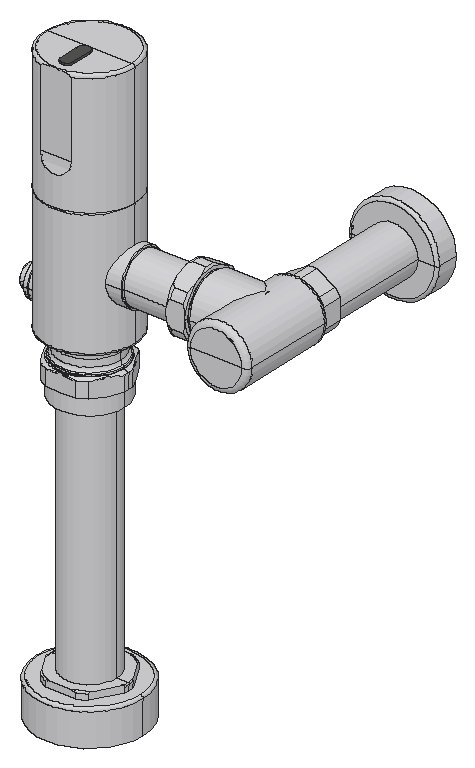
Revit family "Flushometer-Toilet_Touchless-KOHLER-WAVE-K-7521", category Plumbing Fixtures, host Face, Revit 2015 (continued)
Definition of nested family "K-7521"
  Dimensions and locks (in)
    aligned and locked: plane 6 "A" to Revolve 3 sketch curve
    aligned and locked: Revolve 1 sketch curve to plane 17
    aligned and locked: plane 6 "A" to Extrusion 7 sketch curve  (x2)
    aligned and locked: plane 22 to Revolve 3 sketch curve
    aligned and locked: Revolve 11 sketch curve to plane 6 "A"
    aligned and locked: plane 21 to Revolve 12 sketch curve
    aligned and locked: Revolve 13 sketch curve to plane 17
    aligned and locked: plane 14 to Revolve 12
    aligned and locked: plane 24 "D" to Revolve 13 sketch curve
    aligned and locked: Revolve 1 sketch curve to plane 24 "D"
    aligned and locked: Masking region 1 sketch curve to plane 24 "D"
    aligned and locked: plane 24 "D" to Masking region 3 sketch curve
    aligned and locked: plane 18 to Revolve 1 sketch curve
    aligned and locked: Masking region 1 sketch curve to Masking region 1 sketch curve  (x2)
    aligned and locked: plane 18 to Masking region 1 sketch curve
    aligned and locked: Masking region 1 sketch curve to plane 18
    aligned and locked: Masking region 3 sketch curve to Masking region 3 sketch curve  (x2)
    aligned and locked: plane 18 to Masking region 3 sketch curve
    aligned and locked: Masking region 3 sketch curve to plane 18
    aligned and locked: curve 181 to Masking region 1
    aligned and locked: Masking region 1 to curve 182
    aligned and locked: cut or joined group of Revolve 1, Revolve 2, Revolve 4, Extrusion 5, Extrusion 6, Extrusion 8, Extrusion 9, Extrusion 15 to Masking region 1
    aligned and locked: cut or joined group of Revolve 1, Revolve 2, Revolve 4, Extrusion 5, Extrusion 6, Extrusion 8, Extrusion 9, Extrusion 15 to cut or joined group of Revolve 1, Revolve 2, Revolve 4, Extrusion 5, Extrusion 6, Extrusion 8, Extrusion 9, Extrusion 15
    aligned and locked: Masking region 1 to curve 183
    aligned and locked: cut or joined group of Revolve 1, Revolve 2, Revolve 4, Extrusion 5, Extrusion 6, Extrusion 8, Extrusion 9, Extrusion 15 to curve 196
    aligned and locked: Masking region 3 to cut or joined group of Revolve 1, Revolve 2, Revolve 4, Extrusion 5, Extrusion 6, Extrusion 8, Extrusion 9, Extrusion 15
    aligned and locked: cut or joined group of Revolve 1, Revolve 2, Revolve 4, Extrusion 5, Extrusion 6, Extrusion 8, Extrusion 9, Extrusion 15 to Masking region 3
    aligned and locked: cut or joined group of Revolve 1, Revolve 2, Revolve 4, Extrusion 5, Extrusion 6, Extrusion 8, Extrusion 9, Extrusion 15 to curve 7
  Automatic sketch dimensions
    Revolve 2 sketch curve to plane 13 = 0"
    plane 1 "Center (Front/Back)" to Revolve 2 sketch curve = 0"  (x2)
    Revolve 2 sketch curve to plane 10 = 0"
    plane 13 to Revolve 2 sketch curve = 0.07874"
    plane 13 to Revolve 2 sketch curve = 0.09744"
    Revolve 2 sketch curve to Revolve 2 sketch curve = 0.03934"
    Revolve 2 sketch curve to Revolve 2 sketch curve = 0.37514"
    Revolve 2 sketch curve to Revolve 2 sketch curve = 0.1367"
    Revolve 2 sketch curve to plane 5 = 0"
    plane 5 to Revolve 2 sketch curve = 0.02032"
    plane 1 "Center (Front/Back)" to Revolve 2 sketch curve = 0.69291"
    Revolve 2 sketch curve to Revolve 2 sketch curve = 0.03086"
    Revolve 2 sketch curve to Revolve 2 sketch curve = 0.0893"
    Revolve 2 sketch curve to Revolve 2 sketch curve = 0.03078"
    Revolve 2 sketch curve to Revolve 2 sketch curve = 0.02482"
    Revolve 2 sketch curve to Revolve 2 sketch curve = 0.1507"
    Revolve 2 sketch curve to Revolve 2 sketch curve = 0.08544"
    Revolve 2 sketch curve to Revolve 2 sketch curve = 0.07262"
    plane 5 to Revolve 2 sketch curve = 0.33838"
    plane 1 "Center (Front/Back)" to Revolve 4 sketch curve = 0"  (x2)
    Revolve 4 sketch curve to Revolve 4 sketch curve = 0.29105"
    Revolve 4 sketch curve to Revolve 4 sketch curve = 0.01997"
    plane 4 to Revolve 4 sketch curve = 0.00385"
    Revolve 4 sketch curve to Revolve 4 sketch curve = 0.14151"
    Revolve 4 sketch curve to Revolve 4 sketch curve = 0.01686"
    Revolve 4 sketch curve to Revolve 4 sketch curve = 0.0199"
    Revolve 4 sketch curve to Revolve 4 sketch curve = 0.03256"
    Revolve 4 sketch curve to Revolve 4 sketch curve = 0.03332"
    Revolve 4 sketch curve to plane 4 = 0.19777"
    Revolve 4 sketch curve to Revolve 4 sketch curve = 0.10389"
    Revolve 4 sketch curve to Revolve 4 sketch curve = 0.05493"
    Revolve 4 sketch curve to Revolve 4 sketch curve = 0.28338"
    Revolve 4 sketch curve to Revolve 4 sketch curve = 0"
    Revolve 4 sketch curve to plane 9 = 0.08336"
    plane 1 "Center (Front/Back)" to Extrusion 5 sketch curve = 0"  (x3)
    Extrusion 5 sketch curve to plane 3 "Center (Left/Right)" = 0"
    plane 9 to Extrusion 5 sketch curve = 0.16208"  (x2)
    plane 8 to Extrusion 5 sketch curve = 0.48169"
    plane 10 to Extrusion 5 sketch curve = 0.16208"  (x2)
    plane 7 to Extrusion 5 sketch curve = 0.48169"
    plane 5 to Extrusion 5 sketch curve = 0.32416"
    plane 4 to Extrusion 5 sketch curve = 0.32416"
    plane 6 "A" to Extrusion 7 sketch curve = 0"
    Extrusion 7 sketch curve to plane 12 "C" = 0"
    Extrusion 7 sketch curve to plane 12 "C" = 0.43078"  (x2)
    Extrusion 7 sketch curve to plane 16 "B" = 0.20537"
    plane 12 "C" to Extrusion 7 sketch curve = 0.43078"  (x2)
    plane 12 "C" to Extrusion 7 sketch curve = 0.86156"
    Extrusion 8 sketch curve to plane 8 = 0"
    Extrusion 8 sketch curve to plane 12 "C" = 2.21973"
    Extrusion 8 sketch curve to plane 8 = 0.31919"
    Extrusion 8 sketch curve to Extrusion 8 sketch curve = 0.81497"
    Extrusion 8 sketch curve to plane 17 = 0.2847"
    Extrusion 9 sketch curve to plane 3 "Center (Left/Right)" = 0"
    plane 3 "Center (Left/Right)" to Extrusion 9 sketch curve = 0.18307"
    plane 1 "Center (Front/Back)" to Extrusion 9 sketch curve = 0.20818"
    Extrusion 9 sketch curve to Extrusion 9 sketch curve = 0.58684"
    plane 3 "Center (Left/Right)" to Extrusion 10 sketch curve = 0.16929"
    plane 3 "Center (Left/Right)" to Extrusion 10 sketch curve = 0"
    Extrusion 10 sketch curve to plane 3 "Center (Left/Right)" = 0"
    plane 1 "Center (Front/Back)" to Extrusion 10 sketch curve = 0.20752"  (x2)
    Extrusion 10 sketch curve to plane 3 "Center (Left/Right)" = 0.16929"
    Extrusion 10 sketch curve to Extrusion 10 sketch curve = 0.59115"
    plane 1 "Center (Front/Back)" to Revolve 11 sketch curve = 0"  (x2)
    plane 13 to Revolve 11 sketch curve = 0.09744"
    Revolve 11 sketch curve to plane 3 "Center (Left/Right)" = 0"  (x2)
    Revolve 11 sketch curve to Revolve 11 sketch curve = 0.55118"
    Revolve 11 sketch curve to plane 1 "Center (Front/Back)" = 0.69291"
    Revolve 11 sketch curve to Revolve 11 sketch curve = 0.12527"
    plane 9 to Revolve 11 sketch curve = 1/4"
    Revolve 11 sketch curve to Revolve 11 sketch curve = 0.16351"
    plane 1 "Center (Front/Back)" to Revolve 14 sketch curve = 0"  (x2)
    Revolve 14 sketch curve to plane 9 = 0.17963"
    Revolve 14 sketch curve to plane 1 "Center (Front/Back)" = 1/2"
    Revolve 14 sketch curve to plane 4 = 0.21775"
    Revolve 14 sketch curve to Revolve 14 sketch curve = 0"
    plane 9 to Revolve 14 sketch curve = 0.32037"
    Extrusion 6 sketch curve to plane 1 "Center (Front/Back)" = 0"  (x3)
    Extrusion 6 sketch curve to plane 12 "C" = 0"
    plane 12 "C" to Extrusion 6 sketch curve = 0.52564"  (x2)
    Extrusion 6 sketch curve to Extrusion 6 sketch curve = 0.52564"
    Extrusion 6 sketch curve to plane 12 "C" = 0.52564"  (x2)
    Extrusion 6 sketch curve to plane 16 "B" = 0.01565"
    plane 7 to Extrusion 6 sketch curve = 0.58957"
    plane 8 to Extrusion 6 sketch curve = 0.58957"
    curve 51 to curve 52 = 0"  (x2)
    curve 51 to curve 55 = 0"  (x2)
    curve 51 to curve 56 = 0"  (x2)
    curve 52 to curve 55 = 0"  (x2)
    curve 52 to curve 56 = 0"  (x2)
    curve 55 to curve 56 = 0"  (x2)
    curve 67 to plane 17 = 0"
    curve 51 to plane 1 "Center (Front/Back)" = 0"
    curve 23 to plane 11 = 0"
    curve 15 to plane 11 = 0"
    curve 19 to plane 11 = 0"
    curve 20 to plane 11 = 0"
    curve 12 to plane 11 = 0"
    curve 11 to plane 11 = 0"
    curve 18 to plane 12 "C" = 0"
    curve 55 to plane 12 "C" = 0"
    plane 1 "Center (Front/Back)" to curve 48 = 0.13722"
    plane 1 "Center (Front/Back)" to curve 53 = 0.13722"
    plane 1 "Center (Front/Back)" to curve 31 = 0.13984"
    plane 8 to curve 28 = 0.62153"
    curve 54 to plane 1 "Center (Front/Back)" = 0.13722"
    curve 49 to plane 1 "Center (Front/Back)" = 0.13722"
    curve 32 to plane 1 "Center (Front/Back)" = 0.13984"
    plane 7 to curve 37 = 0.62153"
    curve 63 to plane 16 "B" = 0.19094"
    plane 7 to curve 63 = 0.62124"
    plane 7 to curve 50 = 0.62124"
    curve 60 to curve 19 = 0.11917"
    plane 12 "C" to curve 65 = 0.29184"
    plane 7 to curve 65 = 0.50206"
    curve 11 to curve 12 = 0"
    curve 66 to curve 23 = 0.00079"
    curve 64 to curve 15 = 0.00079"
    curve 24 to curve 61 = 0.00069"
    curve 16 to curve 58 = 0.00069"
    curve 20 to curve 21 = 0.01366"
    curve 12 to curve 13 = 0.01366"
    plane 7 to curve 17 = 0.23329"
    plane 7 to curve 25 = 0.23329"
    curve 18 to plane 11 = 0.6355"
    curve 54 to plane 16 "B" = 0.09487"
    plane 18 to curve 32 = 0.91106"
    curve 26 to curve 31 = 0"
    curve 32 to curve 36 = 0"
    curve 32 to curve 32 = 0.41218"
    curve 26 to curve 30 = 0.41218"
    curve 35 to curve 35 = 0.41218"
    curve 60 to curve 62 = 0.03407"
    curve 62 to curve 61 = 0.04073"
    curve 62 to curve 23 = 0.00922"
    curve 60 to curve 60 = 0.09399"
    curve 61 to curve 25 = 0.15514"
    curve 23 to curve 19 = 0.29171"
    curve 19 to curve 20 = 0.20841"
    curve 20 to curve 21 = 0.03914"
    curve 13 to curve 12 = 0.03914"
    curve 12 to curve 64 = 0.20841"
    curve 14 to curve 17 = 0.14579"
    curve 14 to curve 57 = 0.28175"
    curve 57 to curve 15 = 0.00996"
    curve 16 to curve 58 = 0.00922"
    curve 58 to curve 59 = 0.04073"
    curve 57 to curve 50 = 0.09399"
    curve 51 to curve 48 = 0.09607"
    plane 1 "Center (Front/Back)" to curve 67 = 0.03824"
    curve 51 to curve 48 = 0.11085"
    curve 55 to curve 56 = 0.11085"
    curve 53 to curve 55 = 0.05554"
    curve 48 to curve 51 = 0.05554"
    plane 8 to curve 67 = 0.53204"
    curve 28 to curve 29 = 0.13984"
    curve 27 to curve 30 = 0.13984"
    plane 8 to curve 63 = 0.24056"
    plane 8 to curve 50 = 0.24056"
    curve 55 to curve 54 = 0.05554"
    curve 51 to curve 49 = 0.05554"
    plane 7 to curve 68 = 0.60484"
    curve 24 to curve 66 = 0.0278"
    curve 16 to curve 64 = 0.0278"
    curve 14 to curve 14 = 0.0278"
    curve 22 to curve 19 = 0.0278"
    curve 14 to curve 14 = 0.00056"
    curve 24 to curve 25 = 0.00056"
    curve 13 to curve 13 = 0.04089"
    curve 22 to curve 22 = 0.00056"
    curve 16 to curve 16 = 0.00056"
    curve 15 to curve 16 = 0.01287"
    curve 14 to curve 14 = 0.01366"
    curve 22 to curve 22 = 0.01366"
    curve 24 to curve 24 = 0.01287"
    curve 34 to curve 37 = 0.13984"
    curve 33 to curve 36 = 0.13984"
    curve 58 to curve 17 = 0.00727"
    curve 61 to curve 25 = 0.00727"
    curve 31 to curve 30 = 0.04269"
    curve 32 to curve 33 = 0.04269"
    curve 29 to curve 26 = 0.04269"
    curve 34 to curve 35 = 0.04269"
    curve 33 to plane 18 = 1.19754"
    curve 30 to curve 33 = 0"
    curve 53 to curve 29 = 0.04425"
    curve 54 to curve 34 = 0.04425"
    curve 23 to curve 66 = 0.00022"
    curve 66 to curve 25 = 0.01608"
    curve 14 to curve 17 = 0.01616"
    curve 64 to curve 15 = 0.00022"
    curve 50 to curve 68 = 1.14713"
    curve 68 to curve 68 = 0.09526"
    plane 21 to Revolve 3 sketch curve = 0"  (x2)
    plane 11 to Revolve 3 sketch curve = 0"
    Revolve 3 sketch curve to plane 14 = 11/128"
    Revolve 3 sketch curve to Revolve 3 sketch curve = 0.03943"
    Revolve 3 sketch curve to Revolve 3 sketch curve = 0.09789"
    Revolve 3 sketch curve to Revolve 3 sketch curve = 0.15407"
    plane 7 to Revolve 3 sketch curve = 0.50118"
    Revolve 3 sketch curve to Revolve 3 sketch curve = 0.12227"
    Revolve 3 sketch curve to plane 8 = 0.16194"
    Revolve 3 sketch curve to Revolve 3 sketch curve = 1"
    Revolve 12 sketch curve to plane 6 "A" = 0"  (x2)
    plane 21 to Revolve 12 sketch curve = 0"
    plane 7 to Revolve 12 sketch curve = 0.52979"
    Revolve 12 sketch curve to plane 8 = 0.30845"
    Revolve 12 sketch curve to Revolve 12 sketch curve = 1 1/2"
    Revolve 13 sketch curve to plane 4 = 0"
    Revolve 13 sketch curve to plane 18 = 0"
    Revolve 13 sketch curve to plane 9 = 0"
    Revolve 13 sketch curve to plane 3 "Center (Left/Right)" = 0"  (x2)
    Revolve 13 sketch curve to level = 0"
    plane 4 to Revolve 13 sketch curve = 0.24056"
    Revolve 13 sketch curve to Revolve 13 sketch curve = 1.62705"
    Masking region 3 sketch curve to plane 7 = 0"
    Masking region 3 sketch curve to plane 8 = 0"
    Masking region 3 sketch curve to plane 21 = 0"
    Masking region 3 sketch curve to plane 11 = 0"  (x2)
    Masking region 3 sketch curve to plane 17 = 0"  (x2)
    plane 18 to Masking region 3 sketch curve = 0.43923"  (x2)
    Masking region 3 sketch curve to Masking region 3 sketch curve = 0.01697"  (x4)
    Masking region 3 sketch curve to Masking region 3 sketch curve = 0.49756"  (x2)
    Masking region 3 sketch curve to Masking region 3 sketch curve = 0.03091"  (x2)
    plane 8 to Masking region 3 sketch curve = 75/128"
    Masking region 3 sketch curve to Masking region 3 sketch curve = 0.03081"  (x4)
    plane 7 to Masking region 3 sketch curve = 75/128"
    Masking region 3 sketch curve to Masking region 3 sketch curve = 0.11571"  (x2)
    Masking region 3 sketch curve to Masking region 3 sketch curve = 0.19993"  (x2)
    Masking region 3 sketch curve to Masking region 3 sketch curve = 0.31555"  (x2)
    Masking region 3 sketch curve to Masking region 3 sketch curve = 0.03047"  (x2)
    plane 16 "B" to Masking region 3 sketch curve = 0.18307"
    Masking region 3 sketch curve to Masking region 3 sketch curve = 11/128"  (x2)
    Masking region 3 sketch curve to plane 16 "B" = 0.19094"
    Masking region 3 sketch curve to plane 16 "B" = 0.26575"
    Masking region 3 sketch curve to Masking region 3 sketch curve = 0.15407"  (x2)
    Masking region 3 sketch curve to Masking region 3 sketch curve = 0.11201"  (x2)
    plane 12 "C" to Masking region 3 sketch curve = 0.68917"
    Masking region 3 sketch curve to plane 8 = 0.16194"
    plane 12 "C" to Masking region 3 sketch curve = 0.72192"
    Masking region 3 sketch curve to Masking region 3 sketch curve = 0.47489"
    plane 8 to Masking region 3 sketch curve = 0.27358"
    Masking region 3 sketch curve to Masking region 3 sketch curve = 0.8784"
    plane 7 to Masking region 3 sketch curve = 0.27358"
    Masking region 3 sketch curve to Masking region 3 sketch curve = 0.9532"
    Masking region 3 sketch curve to Masking region 3 sketch curve = 0.03302"  (x3)
    plane 8 to Masking region 3 sketch curve = 0.24056"  (x2)
    Masking region 3 sketch curve to Masking region 3 sketch curve = 0.82006"
    plane 8 to Masking region 3 sketch curve = 0.31919"
    Masking region 3 sketch curve to Masking region 3 sketch curve = 0.42724"
    Masking region 3 sketch curve to plane 17 = 0.07986"
    plane 17 to Masking region 3 sketch curve = 0.03584"
    plane 21 to Masking region 3 sketch curve = 0.54814"  (x2)
    Masking region 3 sketch curve to Masking region 3 sketch curve = 0"  (x3)
    plane 7 to Masking region 3 sketch curve = 0.24056"
    Masking region 3 sketch curve to Masking region 3 sketch curve = 0.04728"  (x2)
    Masking region 3 sketch curve to Masking region 3 sketch curve = 0.40357"
    plane 7 to Masking region 3 sketch curve = 0.48169"
    Masking region 3 sketch curve to Masking region 3 sketch curve = 0.03406"  (x3)
    Masking region 3 sketch curve to Masking region 3 sketch curve = 0.26831"  (x2)
    plane 1 "Center (Front/Back)" to Masking region 3 sketch curve = 0.03824"
    plane 1 "Center (Front/Back)" to Masking region 3 sketch curve = 3/4"
    Masking region 3 sketch curve to Masking region 3 sketch curve = 0.04793"
    Masking region 3 sketch curve to Masking region 3 sketch curve = 0.21285"
    Masking region 3 sketch curve to Masking region 3 sketch curve = 0.23425"
    Masking region 3 sketch curve to Masking region 3 sketch curve = 0.03937"
    plane 11 to curve 157 = 0"
    curve 123 to plane 13 = 0"
    curve 119 to plane 5 = 0"
    curve 118 to plane 4 = 0"
    plane 1 "Center (Front/Back)" to curve 173 = 0"
    plane 1 "Center (Front/Back)" to curve 142 = 0"
    curve 146 to plane 3 "Center (Left/Right)" = 0"
    curve 142 to plane 3 "Center (Left/Right)" = 0"
    plane 7 to curve 165 = 0.1069"
    plane 7 to curve 162 = 0.1069"
    curve 165 to curve 159 = 0.39484"
    curve 162 to curve 156 = 0.39497"
    curve 167 to plane 6 "A" = 0.12033"
    curve 165 to curve 167 = 0.39516"
    plane 6 "A" to curve 157 = 0.12033"
    curve 157 to curve 158 = 0"
    plane 7 to curve 135 = 0.72999"
    plane 4 to curve 154 = 0.12764"
    curve 154 to plane 1 "Center (Front/Back)" = 0.50585"
    curve 154 to curve 152 = 1/256"
    curve 154 to curve 153 = 0.03341"
    curve 155 to curve 155 = 0.03295"
    curve 172 to plane 1 "Center (Front/Back)" = 0.35355"
    curve 135 to plane 1 "Center (Front/Back)" = 0.14042"
    plane 1 "Center (Front/Back)" to curve 132 = 0.14042"
    plane 1 "Center (Front/Back)" to curve 144 = 0.20752"
    plane 1 "Center (Front/Back)" to curve 148 = 0.20752"
    curve 148 to curve 147 = 0.00066"
    plane 1 "Center (Front/Back)" to curve 174 = 0.35355"
    plane 4 to curve 171 = 0.18283"
    plane 1 "Center (Front/Back)" to curve 171 = 0.46901"
    curve 171 to curve 169 = 0.00343"
    curve 171 to curve 168 = 0.03295"
    curve 169 to curve 170 = 0.03341"
    curve 126 to curve 141 = 0.62959"
    curve 143 to plane 3 "Center (Left/Right)" = 0.18307"
    curve 146 to curve 143 = 0.58684"
    curve 150 to curve 144 = 0.00365"
    curve 147 to curve 148 = 0.00365"
    curve 170 to curve 168 = 0.05519"
    curve 153 to curve 155 = 0.05519"
    curve 150 to curve 144 = 0.01378"
    curve 146 to curve 144 = 0.0138"
    curve 149 to plane 3 "Center (Left/Right)" = 0"
    plane 13 to curve 126 = 0.51192"
    plane 13 to curve 133 = 0.13678"
    plane 13 to curve 136 = 0.13678"
    plane 13 to curve 129 = 0.13678"
    plane 6 "A" to curve 173 = 83/128"
    curve 156 to curve 157 = 0.50544"
    curve 162 to curve 157 = 0.2514"
    plane 6 "A" to curve 172 = 0.29489"
    curve 158 to curve 165 = 0.2514"
    curve 165 to curve 159 = 0.25409"
    plane 21 to curve 121 = 0.63408"
    curve 161 to curve 157 = 0.01366"
    curve 164 to curve 164 = 0.01366"
    curve 160 to curve 160 = 0.0132"
    curve 163 to curve 163 = 0.01306"
    curve 166 to curve 162 = 0.02723"
    curve 158 to curve 164 = 0.02723"
    curve 161 to curve 162 = 0.02723"
    curve 167 to curve 163 = 0.02723"
    curve 162 to curve 161 = 0.00056"
    curve 165 to curve 164 = 0.00056"
    curve 160 to curve 160 = 0.00093"
    curve 165 to curve 163 = 0.00093"
    curve 139 to curve 135 = 0.14042"
    curve 138 to curve 136 = 0.14042"
    curve 166 to curve 172 = 0.16013"
    curve 125 to curve 136 = 0.0678"
    curve 125 to curve 124 = 0.0556"
    curve 124 to curve 123 = 0"
    curve 179 to plane 10 = 0.26612"
    curve 135 to curve 120 = 0.0771"
    curve 179 to curve 119 = 0.05118"
    plane 13 to curve 134 = 0.09743"
    curve 136 to curve 134 = 0.30873"
    curve 134 to curve 134 = 0.00607"
    curve 137 to curve 134 = 0"
    curve 134 to curve 137 = 0.01213"
    curve 153 to curve 118 = 0.16142"
    curve 118 to curve 169 = 0.16142"
    curve 131 to curve 130 = 0.30873"
    curve 130 to curve 130 = 0.00607"
    curve 131 to curve 130 = 0"
    curve 131 to curve 131 = 0.00607"
    curve 131 to curve 119 = 0.23163"
    curve 120 to curve 127 = 0.0771"
    curve 119 to curve 180 = 0.05118"
    curve 128 to curve 123 = 0.0122"
    curve 128 to curve 124 = 0.0122"
    curve 124 to curve 125 = 0.0556"
    plane 8 to curve 174 = 0.66219"
    curve 125 to curve 129 = 0.07262"
    curve 127 to curve 141 = 0.14042"
    plane 10 to curve 151 = 0.31196"
    curve 153 to curve 154 = 0.05129"
    curve 169 to curve 169 = 0.05129"
    curve 180 to plane 10 = 0.26612"
    plane 5 to curve 180 = 0.19757"
    plane 5 to curve 179 = 0.19757"
    curve 131 to plane 5 = 0.13901"
    curve 130 to curve 131 = 0"
    curve 137 to plane 5 = 0.13901"
    curve 134 to curve 137 = 0"
    curve 120 to curve 127 = 0.1367"
    curve 125 to curve 124 = 0.0187"
    curve 172 to curve 156 = 0.15338"
    curve 174 to curve 174 = 0.48426"
    plane 6 "A" to curve 121 = 0.68917"
    curve 122 to curve 156 = 0.06341"
    curve 166 to curve 156 = 0"
    curve 166 to curve 160 = 0.03064"
    curve 158 to curve 165 = 0.028"
    curve 167 to curve 159 = 0.00004"
    curve 159 to curve 122 = 0.06336"
    curve 121 to plane 14 = 0.56083"
    plane 1 "Center (Front/Back)" to Extrusion 15 sketch curve = 0"  (x3)
    Extrusion 15 sketch curve to plane 3 "Center (Left/Right)" = 0"
    plane 9 to Extrusion 15 sketch curve = 0.16208"  (x2)
    plane 8 to Extrusion 15 sketch curve = 0.48169"
    plane 10 to Extrusion 15 sketch curve = 0.16208"  (x2)
    plane 7 to Extrusion 15 sketch curve = 0.48169"
    plane 5 to Extrusion 15 sketch curve = 0.32416"
    plane 4 to Extrusion 15 sketch curve = 0.32416"
    Masking region 3 sketch curve to Masking region 3 sketch curve = 5/64"  (x2)
    Revolve 1 sketch curve to plane 4 = 0"
    Revolve 1 sketch curve to plane 9 = 0"
    Revolve 1 sketch curve to plane 3 "Center (Left/Right)" = 0"  (x2)
    Revolve 1 sketch curve to plane 18 = 0"  (x2)
    Revolve 1 sketch curve to Revolve 1 sketch curve = 0.0823"
    Revolve 1 sketch curve to plane 17 = 0.07986"
    plane 4 to Revolve 1 sketch curve = 0.24056"
    Revolve 1 sketch curve to Revolve 1 sketch curve = 0"  (x2)
    Revolve 1 sketch curve to Revolve 1 sketch curve = 0.03047"
    Revolve 1 sketch curve to Revolve 1 sketch curve = 0.03302"  (x2)
    plane 4 to Revolve 1 sketch curve = 0.31831"
    Revolve 1 sketch curve to plane 9 = 0.354"
    Revolve 1 sketch curve to Revolve 1 sketch curve = 0.31534"
    Revolve 1 sketch curve to Revolve 1 sketch curve = 0.03415"
    Revolve 1 sketch curve to Revolve 1 sketch curve = 19/256"
    Revolve 1 sketch curve to Revolve 1 sketch curve = 0.11975"  (x2)
    Revolve 1 sketch curve to Revolve 1 sketch curve = 0.03937"
    Revolve 1 sketch curve to Revolve 1 sketch curve = 0.03081"  (x2)
    Revolve 1 sketch curve to plane 9 = 0.11614"
    Revolve 1 sketch curve to Revolve 1 sketch curve = 0.43923"
    Revolve 1 sketch curve to Revolve 1 sketch curve = 0.05966"  (x2)
    Revolve 1 sketch curve to Revolve 1 sketch curve = 0.41218"
    Revolve 1 sketch curve to Revolve 1 sketch curve = 0.03091"
    Revolve 1 sketch curve to Revolve 1 sketch curve = 0.19993"
    plane 23 to Revolve 1 sketch curve = 0.50438"
    Revolve 1 sketch curve to plane 18 = 1 1/4"
    Masking region 1 sketch curve to Masking region 1 sketch curve = 0"  (x6)
    Masking region 1 sketch curve to plane 4 = 0"  (x3)
    Masking region 1 sketch curve to plane 17 = 0"  (x2)
    Masking region 1 sketch curve to plane 9 = 0"
    plane 10 to Masking region 1 sketch curve = 0"
    plane 5 to Masking region 1 sketch curve = 0"  (x3)
    plane 13 to Masking region 1 sketch curve = 0.09744"
    plane 6 "A" to Masking region 1 sketch curve = 0"
    Masking region 1 sketch curve to plane 12 "C" = 0"
    Masking region 1 sketch curve to plane 14 = 0"
    Masking region 1 sketch curve to plane 4 = 0.19777"  (x2)
    Masking region 1 sketch curve to Masking region 1 sketch curve = 0.01997"
    Masking region 1 sketch curve to Masking region 1 sketch curve = 0.0199"  (x2)
    Masking region 1 sketch curve to Masking region 1 sketch curve = 5/64"  (x2)
    Masking region 1 sketch curve to Masking region 1 sketch curve = 0.10773"  (x2)
    Masking region 1 sketch curve to Masking region 1 sketch curve = 0.05493"  (x2)
    Masking region 1 sketch curve to Masking region 1 sketch curve = 0.058"  (x2)
    plane 4 to Masking region 1 sketch curve = 0.24056"
    Masking region 1 sketch curve to Masking region 1 sketch curve = 0.03047"
    Masking region 1 sketch curve to Masking region 1 sketch curve = 0.03302"  (x4)
    Masking region 1 sketch curve to Masking region 1 sketch curve = 0.04728"  (x2)
    Masking region 1 sketch curve to Masking region 1 sketch curve = 0.07986"
    Masking region 1 sketch curve to plane 9 = 0.354"
    Masking region 1 sketch curve to Masking region 1 sketch curve = 0.31951"
    Masking region 1 sketch curve to Masking region 1 sketch curve = 0.03322"  (x2)
    Masking region 1 sketch curve to Masking region 1 sketch curve = 19/256"
    Masking region 1 sketch curve to Masking region 1 sketch curve = 0.11975"  (x2)
    Masking region 1 sketch curve to plane 9 = 0.23425"
    Masking region 1 sketch curve to Masking region 1 sketch curve = 0.03937"  (x2)
    Masking region 1 sketch curve to Masking region 1 sketch curve = 0.03081"  (x4)
    Masking region 1 sketch curve to plane 9 = 0.11614"
    plane 17 to Masking region 1 sketch curve = 0.03584"
    Masking region 1 sketch curve to plane 3 "Center (Left/Right)" = 0.16929"
    plane 3 "Center (Left/Right)" to Masking region 1 sketch curve = 0.16929"
    Masking region 1 sketch curve to plane 10 = 0.11614"
    Masking region 1 sketch curve to Masking region 1 sketch curve = 0.04793"
    Masking region 1 sketch curve to plane 10 = 0.23425"
    Masking region 1 sketch curve to Masking region 1 sketch curve = 0.11571"
    Masking region 1 sketch curve to Masking region 1 sketch curve = 0.31914"
    Masking region 1 sketch curve to plane 17 = 0.07986"
    plane 5 to Masking region 1 sketch curve = 0.32043"
    Masking region 1 sketch curve to Masking region 1 sketch curve = 0.15192"
    plane 5 to Masking region 1 sketch curve = 0.24056"
    plane 5 to Masking region 1 sketch curve = 0.11292"  (x2)
    plane 5 to Masking region 1 sketch curve = 0.02032"  (x2)
    plane 13 to Masking region 1 sketch curve = 0.64854"  (x2)
    plane 13 to Masking region 1 sketch curve = 0.13694"
    Masking region 1 sketch curve to Masking region 1 sketch curve = 0.0395"  (x2)
    Masking region 1 sketch curve to plane 23 = 0.38235"
    Masking region 1 sketch curve to plane 16 "B" = 0.19928"
    plane 18 to Masking region 1 sketch curve = 0.43923"  (x2)
    Masking region 1 sketch curve to Masking region 1 sketch curve = 0.05966"  (x4)
    Masking region 1 sketch curve to Masking region 1 sketch curve = 0.41218"  (x2)
    Masking region 1 sketch curve to Masking region 1 sketch curve = 0.03091"  (x2)
    Masking region 1 sketch curve to Masking region 1 sketch curve = 0.19993"  (x2)
    Masking region 1 sketch curve to Masking region 1 sketch curve = 0.17244"
    Masking region 1 sketch curve to Masking region 1 sketch curve = 0.0038"
    Masking region 1 sketch curve to Masking region 1 sketch curve = 0.03332"  (x2)
    Masking region 1 sketch curve to Masking region 1 sketch curve = 0.03256"  (x2)
    Masking region 1 sketch curve to Masking region 1 sketch curve = 0.14151"  (x2)
    Masking region 1 sketch curve to plane 16 "B" = 0.08524"
    Masking region 1 sketch curve to Masking region 1 sketch curve = 0.04278"  (x2)
    Masking region 1 sketch curve to plane 16 "B" = 0.1952"
    Masking region 1 sketch curve to plane 16 "B" = 0.29105"
    Masking region 1 sketch curve to Masking region 1 sketch curve = 0.03086"  (x2)
    Masking region 1 sketch curve to Masking region 1 sketch curve = 0.00305"
    Masking region 1 sketch curve to plane 23 = 0.26831"
    plane 23 to Masking region 1 sketch curve = 0.50438"  (x2)
    curve 5 to plane 18 = 0"
    curve 2 to plane 11 = 0"
    plane 1 "Center (Front/Back)" to curve 43 = 0.14352"
    curve 43 to curve 47 = 0"
    curve 41 to curve 42 = 0"
    curve 43 to curve 45 = 0"
    curve 41 to plane 7 = 0.62521"
    curve 45 to plane 1 "Center (Front/Back)" = 0.14352"
    curve 47 to plane 8 = 0.62521"
    curve 40 to curve 40 = 0.03134"
    curve 42 to curve 42 = 0.03134"
    curve 45 to curve 44 = 0.03134"
    curve 46 to curve 46 = 0.03134"
    curve 42 to curve 42 = 0.00071"
    curve 40 to curve 40 = 0.00071"
    curve 46 to curve 46 = 0.00071"
    curve 42 to curve 43 = 0.0666"
    curve 40 to curve 40 = 0.0666"
    curve 44 to curve 44 = 0.0666"
    curve 46 to curve 47 = 0.0666"
    curve 47 to curve 46 = 0.08781"
    curve 8 to plane 18 = 0.43923"
    curve 8 to curve 9 = 0.5315"
    curve 9 to curve 4 = 0.03091"
    curve 3 to plane 7 = 0.31831"
    curve 4 to curve 3 = 0.662"
    plane 16 "B" to curve 1 = 0.37776"
    plane 16 "B" to curve 2 = 0.37776"
    plane 23 to curve 2 = 0.56083"
    plane 23 to curve 1 = 0.56083"
    curve 10 to plane 23 = 0.5374"
    curve 1 to plane 21 = 0.63408"
    curve 10 to plane 7 = 0.27358"
    curve 6 to curve 41 = 0.14352"
    curve 8 to plane 7 = 0.51575"
    curve 4 to plane 7 = 0.55512"
    curve 9 to curve 4 = 0"
    curve 40 to curve 40 = 0.05199"
    curve 40 to curve 7 = 0.06259"
    curve 8 to curve 5 = 0.23425"
    curve 42 to curve 42 = 0.06219"
    curve 45 to curve 44 = 0.05199"
    curve 5 to plane 1 "Center (Front/Back)" = 3/4"
    curve 7 to curve 46 = 0.12479"
    curve 7 to curve 46 = 0.06259"
    curve 9 to plane 8 = 0.55512"
    curve 4 to curve 9 = 0"
    curve 5 to curve 8 = 0.23425"
    curve 47 to curve 6 = 0.14352"
    curve 3 to plane 8 = 0.31831"
    curve 10 to plane 8 = 0.27358"
    curve 101 to plane 16 "B" = 0"
    curve 178 to plane 4 = 0"
    curve 74 to plane 9 = 0"
    curve 196 to plane 9 = 0"
    curve 102 to plane 17 = 0"
    curve 69 to plane 17 = 0"
    curve 111 to plane 3 "Center (Left/Right)" = 0"
    curve 175 to plane 3 "Center (Left/Right)" = 0"
    curve 103 to plane 17 = 0"
    plane 10 to curve 74 = 0"
    plane 10 to curve 196 = 0"
    plane 5 to curve 76 = 0"
    curve 100 to plane 12 "C" = 0"
    curve 88 to plane 12 "C" = 0"
    curve 91 to plane 12 "C" = 0"
    curve 90 to plane 12 "C" = 0"
    plane 6 "A" to curve 78 = 0"
    curve 74 to plane 18 = 0"
    curve 78 to plane 12 "C" = 0"
    curve 101 to plane 4 = 1.319"
    curve 176 to plane 9 = 0.34511"
    curve 195 to plane 9 = 0.34298"
    plane 9 to curve 109 = 0.08134"
    plane 9 to curve 104 = 0.31196"
    curve 106 to curve 110 = 31/128"
    curve 192 to curve 191 = 0.24859"
    plane 3 "Center (Left/Right)" to curve 189 = 0.34841"
    plane 10 to curve 112 = 0.32355"
    plane 10 to curve 104 = 0.31196"
    plane 10 to curve 113 = 0.08134"
    plane 10 to curve 186 = 0.07921"
    curve 184 to plane 10 = 0.34298"
    curve 177 to plane 10 = 0.34511"
    curve 91 to plane 12 "C" = 0.00701"
    curve 91 to plane 5 = 0.13901"
    curve 90 to curve 91 = 0"
    curve 91 to curve 100 = 0.56257"
    plane 13 to curve 88 = 0.63118"
    plane 13 to curve 81 = 0.51192"
    plane 13 to curve 92 = 0.51192"
    plane 13 to curve 82 = 0.13678"
    curve 94 to plane 16 "B" = 0.09672"
    plane 13 to curve 94 = 0.13678"
    plane 13 to curve 89 = 0.13678"
    plane 13 to curve 80 = 0.13678"
    curve 188 to curve 190 = 0"
    curve 192 to curve 191 = 0.00041"
    curve 186 to curve 188 = 0.00041"
    curve 195 to curve 193 = 0"
    curve 184 to curve 187 = 0"
    curve 190 to curve 190 = 0.06863"
    curve 175 to curve 190 = 0.22178"
    plane 18 to curve 177 = 0.49889"
    plane 18 to curve 107 = 0.49889"
    curve 176 to curve 107 = 0"
    curve 112 to curve 112 = 0.41218"
    curve 106 to curve 176 = 0.41218"
    curve 117 to curve 177 = 0.41218"
    curve 111 to plane 16 "B" = 0.23519"
    curve 93 to curve 93 = 0.36349"
    curve 92 to curve 88 = 0.24322"
    plane 12 "C" to curve 90 = 0.00701"
    curve 86 to curve 81 = 0.24322"
    curve 181 to curve 80 = 0.10255"
    plane 23 to curve 103 = 1.7847"
    plane 4 to curve 101 = 0.24056"  (x2)
    plane 4 to curve 70 = 0.27358"
    curve 101 to curve 75 = 0.07775"
    curve 194 to curve 194 = 0.03699"
    curve 194 to curve 194 = 0.00658"
    curve 73 to curve 106 = 0.10237"
    curve 71 to curve 105 = 0.063"
    curve 71 to curve 72 = 0"  (x2)
    plane 9 to curve 193 = 0.04881"
    plane 9 to curve 193 = 0.04223"
    curve 190 to curve 190 = 0.01222"
    curve 69 to plane 3 "Center (Left/Right)" = 0.16929"
    plane 3 "Center (Left/Right)" to curve 69 = 0.16929"
    curve 189 to curve 189 = 0.01222"
    plane 10 to curve 187 = 0.04223"
    curve 187 to curve 187 = 0.00658"
    curve 116 to curve 72 = 0.063"
    curve 117 to curve 73 = 0.10237"
    curve 185 to curve 184 = 0.0304"
    curve 185 to curve 184 = 0.03699"
    plane 5 to curve 75 = 0.31831"
    plane 5 to curve 70 = 0.27358"
    plane 5 to curve 100 = 0.11292"  (x2)
    curve 96 to plane 5 = 0.13901"
    curve 95 to curve 96 = 0"
    curve 84 to plane 5 = 0.13901"
    curve 83 to curve 84 = 0"  (x3)
    curve 77 to curve 81 = 0.1367"
    curve 84 to curve 83 = 0"
    curve 96 to curve 96 = 0"
    curve 95 to curve 95 = 0"
    plane 13 to curve 181 = 0.02482"
    plane 13 to curve 182 = 0.02482"
    plane 6 "A" to curve 182 = 0.12056"
    curve 194 to curve 194 = 0.03268"
    curve 193 to curve 193 = 0.03268"
    curve 184 to curve 185 = 0.03268"
    curve 196 to curve 193 = 0.00087"
    curve 185 to curve 185 = 0.00087"
    curve 187 to curve 187 = 0.00087"
    curve 194 to curve 194 = 0.00087"
    plane 18 to curve 116 = 0.05246"
    plane 18 to curve 105 = 0.05246"
    curve 73 to curve 176 = 0.05966"
    curve 73 to curve 106 = 0.01697"
    curve 73 to curve 117 = 0.01697"
    curve 107 to curve 105 = 0.04269"
    curve 113 to curve 116 = 0.04269"
    curve 105 to curve 72 = 0.01697"
    curve 72 to curve 71 = 0.03091"
    curve 71 to curve 75 = 0.662"
    curve 75 to curve 101 = 0.20671"
    curve 101 to curve 178 = 0.19093"
    curve 79 to curve 182 = 0.0103"
    curve 106 to plane 16 "B" = 0.23519"
    curve 117 to plane 16 "B" = 0.23519"
    curve 96 to plane 16 "B" = 0.27497"
    curve 178 to curve 101 = 0.19093"
    curve 95 to curve 100 = 0.04086"
    curve 77 to curve 92 = 0.0862"
    curve 100 to curve 76 = 0.05118"
    curve 76 to curve 100 = 0.05118"
    curve 81 to curve 77 = 0.0862"
    curve 76 to curve 84 = 0.09204"
    curve 181 to curve 79 = 0.00439"
    plane 23 to curve 70 = 0.5374"
    curve 189 to curve 188 = 0.06157"
    curve 193 to curve 193 = 0.06738"
    Masking region 2 sketch curve to Masking region 2 sketch curve = 0"  (x5)
    Masking region 2 sketch curve to plane 14 = 0"
    plane 21 to Masking region 2 sketch curve = 0"
    plane 11 to Masking region 2 sketch curve = 0"  (x2)
    Masking region 2 sketch curve to plane 3 "Center (Left/Right)" = 0"
    plane 7 to Masking region 2 sketch curve = 0"
    Masking region 2 sketch curve to plane 13 = 0"  (x2)
    Masking region 2 sketch curve to plane 5 = 0"  (x2)
    Masking region 2 sketch curve to plane 4 = 0"  (x2)
    plane 1 "Center (Front/Back)" to Masking region 2 sketch curve = 0"
    Masking region 2 sketch curve to plane 8 = 0"
    plane 21 to Masking region 2 sketch curve = 0.54814"  (x2)
    Masking region 2 sketch curve to plane 14 = 11/128"
    Masking region 2 sketch curve to Masking region 2 sketch curve = 11/128"
    plane 7 to Masking region 2 sketch curve = 0.50714"
    plane 7 to Masking region 2 sketch curve = 0.50748"
    Masking region 2 sketch curve to Masking region 2 sketch curve = 0.02232"
    Masking region 2 sketch curve to Masking region 2 sketch curve = 0.02265"
    Masking region 2 sketch curve to Masking region 2 sketch curve = 0.03914"  (x2)
    plane 13 to Masking region 2 sketch curve = 0.09744"  (x2)
    plane 7 to Masking region 2 sketch curve = 0.58957"
    Masking region 2 sketch curve to Masking region 2 sketch curve = 0.05902"
    Masking region 2 sketch curve to Masking region 2 sketch curve = 0.06682"
    Masking region 2 sketch curve to Masking region 2 sketch curve = 0.07262"  (x2)
    Masking region 2 sketch curve to Masking region 2 sketch curve = 0.02482"  (x2)
    Masking region 2 sketch curve to Masking region 2 sketch curve = 0.03078"  (x2)
    plane 5 to Masking region 2 sketch curve = 0.19757"
    Masking region 2 sketch curve to Masking region 2 sketch curve = 0.02032"  (x2)
    Masking region 2 sketch curve to Masking region 2 sketch curve = 0.03086"  (x2)
    plane 4 to Masking region 2 sketch curve = 0.07634"
    plane 4 to Masking region 2 sketch curve = 0.0199"  (x2)
    Masking region 2 sketch curve to Masking region 2 sketch curve = 0.14151"  (x2)
    Masking region 2 sketch curve to Masking region 2 sketch curve = 0.01997"  (x2)
    plane 1 "Center (Front/Back)" to Masking region 2 sketch curve = 0.29105"
    plane 1 "Center (Front/Back)" to Masking region 2 sketch curve = 0.69291"
    plane 13 to Masking region 2 sketch curve = 0.07874"
    Masking region 2 sketch curve to Masking region 2 sketch curve = 0.0893"
    Masking region 2 sketch curve to Masking region 2 sketch curve = 0.1507"
    plane 8 to Masking region 2 sketch curve = 0.62795"
    Masking region 2 sketch curve to plane 8 = 0.16194"  (x2)
    Masking region 2 sketch curve to Masking region 2 sketch curve = 0.15407"
    Masking region 2 sketch curve to plane 4 = 0.19777"
    Masking region 2 sketch curve to Masking region 2 sketch curve = 0.55118"  (x2)
    Masking region 2 sketch curve to Masking region 2 sketch curve = 0.01744"  (x2)
    Masking region 2 sketch curve to Masking region 2 sketch curve = 0.0187"
    Masking region 2 sketch curve to Masking region 2 sketch curve = 0.0367"
    Masking region 2 sketch curve to Masking region 2 sketch curve = 0.50614"
    Masking region 2 sketch curve to plane 14 = 0.59058"
    Masking region 2 sketch curve to Masking region 2 sketch curve = 0.03703"
    Masking region 2 sketch curve to Masking region 2 sketch curve = 0.05696"
    radius of Extrusion 5 sketch curve = 1 3/4"
    radius of Extrusion 7 sketch curve = 2 1/4"
    radius of Extrusion 6 sketch curve = 1.21729"
    radius of Extrusion 15 sketch curve = 1 3/4"
Types (2): name | Type | Model | Description | Product Page URL | Product Documentation Link
  1.28GPF Flushometer,CP-Polished Chrome | 1 | "K-7521-CP" | "Touchless hybrid 1.28 gpf toilet flushometer" | "http://www.us.kohler.com/us/catalog/productDetails.jsp?productNumber=7521" | "https://www.us.kohler.com/webassets/kpna/catalog/pdf/en/K-7521_spec.pdf"
  1.28GPF Retrofit Flushometer,CP-Polished Chrome | 2 | "K-7521-RF-CP" | "Touchless 1.28 gpf hybrid retrofit toilet flushometer" | "http://www.us.kohler.com/us/catalog/productDetails.jsp?productNumber=7521-RF" | "https://www.us.kohler.com/webassets/kpna/catalog/pdf/en/K-7521-RF_spec.pdf"
